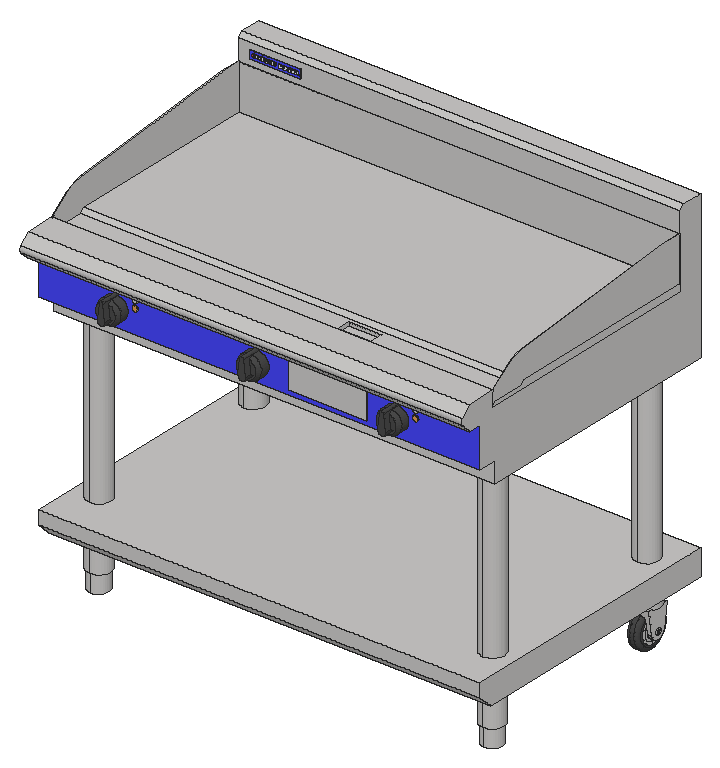
Revit family "QF_MOFFAT_BLUESEAL_AU_EP518-LS", category Specialty Equipment, Revit 2012
Parameters
  Weight in Pounds = 294  # constant formula
  Width [instance] = 1200 mm  # constant formula
  Watts = 16200 W
  Volts = 400 V
  URL Cutsheet = "www.moffat.com"
  URL = "www.moffat.com"
  Type Mark [instance] = ""
  Status [instance] = ""
  Specification by User [instance] = ""
  Specification by Manufacturer = ""
  Show Logo [instance] = yes
  Show Casters [instance] = yes
  Serial Number = ""
  Seismic Rating = ""
  SMACNA No = ""
  Revision Code [instance] = ""
  Phase = 3
  Omniclass Number and Title = ""
  Number of Poles = 1
  NAFEM Spec ID Number = ""
  Model = "EP518-LS"
  Min Ckt Ampacity = 0 A
  Max Overcurrent Protection = 0 A
  Masterspec = ""
  Manufacturer = "MOFFAT BLUESEAL"
  Legs [instance] = not(Show Casters)  # no
  Item Number [instance] = ""
  Installed By [instance] = ""
  Identify Quantity as Lot [instance] = yes
  Height = 970 mm  # constant formula
  HP = ""
  Furnished By [instance] = ""
  Foodservice Equipment Identifier [instance] = yes
  FL Amps = 25 A
  Electrical Remarks [instance] = "25A PER PHASE"
  Elec Conn RI Height = 0 mm
  Elec Conn Connection Height = 0 mm
  Description = "1200MM ELECTRIC GRIDDLE PLATE ON LEG STAND"
  Depth [instance] = 812 mm  # constant formula
  Cycle = 50 Hz
  Conn Plug = ""
  Conn Conduit = yes
  CSI MasterFormat = ""
  CSI Master Format = ""
  Back Splash [instance] = 215 mm  # constant formula
  Apparent Power = if(Phase = 3, Volts * FL Amps * 1.73, Volts * FL Amps)  # 17300 VA
Reference planes
  plane 1 "BACK": y = 0
  plane 2: z = 0
  plane 3 "LEFT": x = 0
  plane 4 "RIGHT": x = 1200
  plane 5 "FRONT": y = -812
  plane 6 "TOP": z = 970
  plane 7 "Center Y": x = 600
  plane 8 "Center X": y = -406
  plane 9 "Base Height": z = 150
  plane 10: z = 915
  plane 11: y = -625
  plane 12: y = -100
  plane 13: x = 1070
  plane 14: y = -32
  plane 15: z = 1085
  plane 16: z = 740
  plane 17: x = 65.5
  plane 18: x = 1134.5
Forms (mm)
  Extrusion 1, solid, material "QF_Finishes_Stainless Steel"
    sketch origin (0, 0, 0) x (0, 1, 0) y (0, 0, 1)
      loop
        line (0, 222.5) -> (-749, 222.5) -> (-749, 186) -> (-713, 150) -> (0, 150) -> (0, 222.5)
      loop
        line (0, 685) -> (0, 1085) -> (-57.5, 1085) -> (-70, 1072.5) -> (-70, 875) -> (-705, 875) -> (-705, 915) -> (-783.97, 915) -> (-808.485, 890.485)
        arc (-808.485, 890.485) -> (-811.999, 882) -> (-808.485, 873.515) r 12
        line (-808.485, 873.515) -> (-784.97, 850) -> (-749, 850) -> (-749, 740) -> (-699, 740) -> (-699, 685) -> (0, 685)
    from 0 to 1200
  Revolve 2, solid, material "QF_Finishes_Stainless Steel", visible <- "Legs"
    sketch origin (65, -210, 0) x (0, 1, 0) y (0, 0, -1)
      loop
        line (78.25, -150) -> (110, -150) -> (110, 0) -> (82.5, 0) -> (82.5, -50) -> (78.25, -50) -> (78.25, -150)
      axis (110, -150) -> (110, 0)
    angle from 0 to 360
  Revolve 3, solid, material "QF_Finishes_Stainless Steel"
    sketch origin (65, -735, 0) x (0, 1, 0) y (0, 0, -1)
      loop
        line (78.25, -150) -> (110, -150) -> (110, 0) -> (82.5, 0) -> (82.5, -50) -> (78.25, -50) -> (78.25, -150)
      axis (110, -150) -> (110, 0)
    angle from 0 to 360
  Revolve 4, solid, material "QF_Finishes_Black"
    sketch origin (217.5, 7, 597.8) x (0, 1, 0) y (0, 0, -1)
      loop
        line (-789, -229.5) -> (-766, -229.5) -> (-766, -202) -> (-756, -202) -> (-756, -197) -> (-800, -197) -> (-800, -223.651) -> (-789, -229.5)
      axis (-800, -197) -> (-756, -197)
    angle from 0 to 360
  Extrusion 5, solid, material "QF_Finishes_Black"
    sketch origin (205.851, 0, 597.958) x (-1, 0, 0) y (0, 0, -1)
      loop
        line (-22.15, -186.037) -> (-16.729, -228.955)
        arc (-16.729, -228.955) -> (-11.73, -233.842) -> (-6.732, -228.955) r 5
        line (-6.732, -228.955) -> (-1.243, -184.87)
        arc (-1.243, -184.87) -> (-12.315, -174.371) -> (-22.15, -186.037) r 10.487
    from 759 to 808
  Extrusion 6, solid, material "QF_Finishes_Stainless Steel"
    sketch origin (0, -749, 866) x (0, 0, -1) y (1, 0, 0)
      loop
        line (25.201, 683) -> (112.1, 683) -> (112.1, 893) -> (25.201, 893) -> (25.201, 683)
    from 0 to 2.5
  Extrusion 7, solid, material "QF_Finishes_Stainless Steel"
    sketch origin (0, -751.5, 866) x (0, 0, -1) y (1, 0, 0)
      loop
        line (32.201, 893) -> (25.201, 893) -> (25.201, 683) -> (32.201, 683) -> (32.201, 893)
    from 0 to 5
  Extrusion 8, void
    sketch origin (0, -756, 740) x (1, 0, 0) y (0, -1, 0)
      loop
        circle (1069.998, -724) r 10
    from 0 to 86.329
  Extrusion 9, solid, material "QF_Finishes_Stainless Steel"
    sketch origin (0, -749, 850) x (0, 0, -1) y (1, 0, 0)
      loop
        circle (45.2, 262.505) r 7.15
    from 0 to 1
  Extrusion 10, solid, material "QF_Finishes_Stainless Steel"
    sketch origin (0, 0, 222.5) x (0, -1, 0) y (1, 0, 0)
      loop
        circle (100, 65) r 31.75
      loop
        circle (625, 65) r 31.75
      loop
        circle (100, 1135) r 31.75
      loop
        circle (625, 1135) r 31.75
    from 0 to 462.5
  Revolve 11, solid, material "QF_Finishes_Stainless Steel", visible <- "Legs"
    sketch origin (65.5, -166, 0) x (0, 1, 0) y (0, 0, 1)
      loop
        line (34.25, 150) -> (34.25, 50) -> (38.5, 50) -> (38.5, 0) -> (66, 0) -> (66, 150) -> (34.25, 150)
      axis (66, 150) -> (66, 0)
    angle from 0 to 360
  Revolve 12, solid, material "QF_Finishes_Stainless Steel", visible <- "Show Casters"
    sketch origin (16.276, -100.755, -13.653) x (1, 0, 0) y (0, 0, 1)
      loop
        line (14.841, 63.604) -> (83.584, 63.604) -> (83.584, 67.109) -> (82.314, 68.379) -> (80.79, 68.379) -> (80.79, 71.826) -> (68.644, 71.826) -> (68.644, 81.79) -> (65.088, 83.843) -> (63.738, 92.179) -> (65.881, 92.179) -> (65.881, 98.529) -> (65.088, 98.529) -> (65.088, 104.879)
        arc (65.088, 104.879) -> (62.298, 111.614) -> (55.563, 114.404) r 9.525
        line (55.563, 114.404) -> (42.863, 114.404)
        arc (42.863, 114.404) -> (36.127, 111.614) -> (33.338, 104.879) r 9.525
        line (33.338, 104.879) -> (33.338, 98.529) -> (32.544, 98.529) -> (32.544, 92.179) -> (34.687, 92.179) -> (33.352, 83.932) -> (29.782, 81.871) -> (29.782, 71.826) -> (17.635, 71.826) -> (17.635, 68.379) -> (16.111, 68.379) -> (14.841, 67.109) -> (14.841, 63.604)
      axis (14.841, 63.604) -> (83.584, 63.604)
    angle from 0 to 360
  Extrusion 13, solid, material "QF_Finishes_Stainless Steel", visible <- "Show Casters"
    sketch origin (72.001, 132.353, -8.783) x (0, 1, 0) y (0, 0, 1)
      loop
        line (-200.603, 118.783) -> (-264.103, 118.783) -> (-251.746, 53.895)
        arc (-251.746, 53.895) -> (-232.353, 38.783) -> (-212.959, 53.895) r 20
        line (-212.959, 53.895) -> (-200.603, 118.783)
    from -35.667 to 22.923
  Revolve 14, solid, material "QF_Finishes_Stainless Steel", visible <- "Show Casters"
    sketch origin (65.5, -204, 0) x (0, 1, 0) y (0, 0, 1)
      loop
        line (68.25, 150) -> (68.25, 110) -> (104, 110) -> (104, 150) -> (68.25, 150)
      axis (104, 150) -> (104, 110)
    angle from 0 to 360
  Revolve 15, solid, material "QF_Finishes_Stainless Steel", visible <- "Legs"
    sketch origin (65.5, -166, 0) x (0, 1, 0) y (0, 0, 1)
      loop
        line (34.25, 150) -> (34.25, 50) -> (38.5, 50) -> (38.5, 0) -> (66, 0) -> (66, 150) -> (34.25, 150)
      axis (66, 150) -> (66, 0)
    angle from 0 to 360
  Extrusion 16, solid, material "QF_Finishes_Stainless Steel"
    sketch origin (0, -749, 850) x (0, 0, -1) y (1, 0, 0)
      loop
        circle (25.2, 262.505) r 7.15
    from 0 to 1
  Extrusion 17, solid, material "QF_Finishes_Stainless Steel"
    sketch origin (462.616, -749, 850) x (0, 0, -1) y (1, 0, 0)
      loop
        circle (45.2, 562.505) r 7.15
    from 0 to 1
  Extrusion 18, solid, material "QF_Finishes_Stainless Steel"
    sketch origin (462.616, -749, 850) x (0, 0, -1) y (1, 0, 0)
      loop
        circle (25.2, 562.505) r 7.15
    from 0 to 1
  Revolve 19, solid, material "QF_Finishes_Black"
    sketch origin (600, 7, 597.8) x (0, 1, 0) y (0, 0, -1)
      loop
        line (-789, -229.5) -> (-766, -229.5) -> (-766, -202) -> (-756, -202) -> (-756, -197) -> (-800, -197) -> (-800, -223.651) -> (-789, -229.5)
      axis (-800, -197) -> (-756, -197)
    angle from 0 to 360
  Extrusion 20, solid, material "QF_Finishes_Black"
    sketch origin (288.542, 0, 597.953) x (-1, 0, 0) y (0, 0, -1)
      loop
        line (-322.15, -186.037) -> (-316.729, -228.955)
        arc (-316.729, -228.955) -> (-311.73, -233.842) -> (-306.732, -228.955) r 5
        line (-306.732, -228.955) -> (-301.243, -184.87)
        arc (-301.243, -184.87) -> (-312.315, -174.371) -> (-322.15, -186.037) r 10.487
    from 759 to 808
  Revolve 21, solid, material "QF_Finishes_Stainless Steel", visible <- "Legs"
    sketch origin (1134, -210, 0) x (0, 1, 0) y (0, 0, -1)
      loop
        line (78.25, -150) -> (110, -150) -> (110, 0) -> (82.5, 0) -> (82.5, -50) -> (78.25, -50) -> (78.25, -150)
      axis (110, -150) -> (110, 0)
    angle from 0 to 360
  Revolve 22, solid, material "QF_Finishes_Stainless Steel"
    sketch origin (1134, -735, 0) x (0, 1, 0) y (0, 0, -1)
      loop
        line (78.25, -150) -> (110, -150) -> (110, 0) -> (82.5, 0) -> (82.5, -50) -> (78.25, -50) -> (78.25, -150)
      axis (110, -150) -> (110, 0)
    angle from 0 to 360
  Revolve 23, solid, material "QF_Finishes_Stainless Steel", visible <- "Legs"
    sketch origin (1134.5, -166, 0) x (0, 1, 0) y (0, 0, 1)
      loop
        line (34.25, 150) -> (34.25, 50) -> (38.5, 50) -> (38.5, 0) -> (66, 0) -> (66, 150) -> (34.25, 150)
      axis (66, 150) -> (66, 0)
    angle from 0 to 360
  Revolve 24, solid, material "QF_Finishes_Stainless Steel", visible <- "Show Casters"
    sketch origin (1085.276, -100.755, -13.653) x (1, 0, 0) y (0, 0, 1)
      loop
        line (14.841, 63.604) -> (83.584, 63.604) -> (83.584, 67.109) -> (82.314, 68.379) -> (80.79, 68.379) -> (80.79, 71.826) -> (68.644, 71.826) -> (68.644, 81.79) -> (65.088, 83.843) -> (63.738, 92.179) -> (65.881, 92.179) -> (65.881, 98.529) -> (65.088, 98.529) -> (65.088, 104.879)
        arc (65.088, 104.879) -> (62.298, 111.614) -> (55.563, 114.404) r 9.525
        line (55.563, 114.404) -> (42.863, 114.404)
        arc (42.863, 114.404) -> (36.127, 111.614) -> (33.338, 104.879) r 9.525
        line (33.338, 104.879) -> (33.338, 98.529) -> (32.544, 98.529) -> (32.544, 92.179) -> (34.687, 92.179) -> (33.352, 83.932) -> (29.782, 81.871) -> (29.782, 71.826) -> (17.635, 71.826) -> (17.635, 68.379) -> (16.111, 68.379) -> (14.841, 67.109) -> (14.841, 63.604)
      axis (14.841, 63.604) -> (83.584, 63.604)
    angle from 0 to 360
  Extrusion 25, solid, material "QF_Finishes_Stainless Steel", visible <- "Show Casters"
    sketch origin (1141.001, 132.353, -8.783) x (0, 1, 0) y (0, 0, 1)
      loop
        line (-200.603, 118.783) -> (-264.103, 118.783) -> (-251.746, 53.895)
        arc (-251.746, 53.895) -> (-232.353, 38.783) -> (-212.959, 53.895) r 20
        line (-212.959, 53.895) -> (-200.603, 118.783)
    from -35.667 to 22.923
  Revolve 26, solid, material "QF_Finishes_Stainless Steel", visible <- "Show Casters"
    sketch origin (1134.5, -204, 0) x (0, 1, 0) y (0, 0, 1)
      loop
        line (68.25, 150) -> (68.25, 110) -> (104, 110) -> (104, 150) -> (68.25, 150)
      axis (104, 150) -> (104, 110)
    angle from 0 to 360
  Revolve 27, solid, material "QF_Finishes_Stainless Steel", visible <- "Legs"
    sketch origin (1134.5, -166, 0) x (0, 1, 0) y (0, 0, 1)
      loop
        line (34.25, 150) -> (34.25, 50) -> (38.5, 50) -> (38.5, 0) -> (66, 0) -> (66, 150) -> (34.25, 150)
      axis (66, 150) -> (66, 0)
    angle from 0 to 360
  Revolve 28, solid, material "QF_Finishes_Black"
    sketch origin (980.116, 7, 597.8) x (0, 1, 0) y (0, 0, -1)
      loop
        line (-789, -229.5) -> (-766, -229.5) -> (-766, -202) -> (-756, -202) -> (-756, -197) -> (-800, -197) -> (-800, -223.651) -> (-789, -229.5)
      axis (-800, -197) -> (-756, -197)
    angle from 0 to 360
  Extrusion 29, solid, material "QF_Finishes_Black"
    sketch origin (668.658, 0, 597.953) x (-1, 0, 0) y (0, 0, -1)
      loop
        line (-322.15, -186.037) -> (-316.729, -228.955)
        arc (-316.729, -228.955) -> (-311.73, -233.842) -> (-306.732, -228.955) r 5
        line (-306.732, -228.955) -> (-301.243, -184.87)
        arc (-301.243, -184.87) -> (-312.315, -174.371) -> (-322.15, -186.037) r 10.487
    from 759 to 808
Cuts and joins
  joined: Extrusion 6, Extrusion 7
  Extrusion 8 cuts Extrusion 1
Lines and regions (mm)
  Split face 1
    outline origin (1200, 0, 1085) x (-1, 0, 0) y (0, -1, 0)
      loop
        arc (924, 45.385) -> (915.34, 40.385) -> (915.34, 30.385) r 10
        line (915.34, 30.385) -> (919.381, 23.385)
        arc (919.381, 23.385) -> (923.041, 19.725) -> (928.041, 18.385) r 10
        line (928.041, 18.385) -> (1156, 18.385)
        arc (1156, 18.385) -> (1164.66, 23.385) -> (1164.66, 33.385) r 10
        line (1164.66, 33.385) -> (1160.619, 40.385)
        arc (1160.619, 40.385) -> (1156.959, 44.045) -> (1151.959, 45.385) r 10
        line (1151.959, 45.385) -> (924, 45.385)
  Split face 2
    outline origin (1200, 0, 1085) x (-1, 0, 0) y (0, -1, 0)
      loop
        arc (34, 45.385) -> (25.34, 40.385) -> (25.34, 30.385) r 10
        line (25.34, 30.385) -> (29.381, 23.385)
        arc (29.381, 23.385) -> (33.041, 19.725) -> (38.041, 18.385) r 10
        line (38.041, 18.385) -> (266, 18.385)
        arc (266, 18.385) -> (274.66, 23.385) -> (274.66, 33.385) r 10
        line (274.66, 33.385) -> (270.619, 40.385)
        arc (270.619, 40.385) -> (266.959, 44.045) -> (261.959, 45.385) r 10
        line (261.959, 45.385) -> (34, 45.385)
  Split face 3
    outline origin (1200, 0, 1085) x (-1, 0, 0) y (0, -1, 0)
      loop
        line (336.021, 18.385) -> (563.979, 18.385)
        arc (563.979, 18.385) -> (572.64, 23.385) -> (572.64, 33.385) r 10
        line (572.64, 33.385) -> (568.598, 40.385)
        arc (568.598, 40.385) -> (564.938, 44.045) -> (559.938, 45.385) r 10
        line (559.938, 45.385) -> (331.979, 45.385)
        arc (331.979, 45.385) -> (323.319, 40.385) -> (323.319, 30.385) r 10
        line (323.319, 30.385) -> (327.36, 23.385)
        arc (327.36, 23.385) -> (331.021, 19.725) -> (336.021, 18.385) r 10
  Split face 4
    outline origin (495, -751.5, 753.9) x (1, 0, 0) y (0, 0, 1)
      loop
        arc (300, 69) -> (304, 73) -> (300, 77) r 4
        line (300, 77) -> (286, 77)
        arc (286, 77) -> (282, 73) -> (286, 69) r 4
        line (286, 69) -> (300, 69)
  Split face 5
    outline origin (1200, -749, 850) x (-1, 0, 0) y (0, 0, -1)
      loop
        circle (554.995, 45.2) r 7.15
  Split face 6
    outline origin (1200, -749, 850) x (-1, 0, 0) y (0, 0, -1)
      loop
        circle (554.995, 25.2) r 7.15
  Split face 7
    outline origin (1200, 0, 1085) x (-1, 0, 0) y (0, -1, 0)
      loop
        arc (863.979, 18.385) -> (872.64, 23.385) -> (872.64, 33.385) r 10
        line (872.64, 33.385) -> (868.598, 40.385)
        arc (868.598, 40.385) -> (864.938, 44.045) -> (859.938, 45.385) r 10
        line (859.938, 45.385) -> (631.979, 45.385)
        arc (631.979, 45.385) -> (623.319, 40.385) -> (623.319, 30.385) r 10
        line (623.319, 30.385) -> (627.36, 23.385)
        arc (627.36, 23.385) -> (631.021, 19.725) -> (636.021, 18.385) r 10
        line (636.021, 18.385) -> (863.979, 18.385)
  symbolic lines
    curve 1: line (0, 0, 0) -> (0, -812, 0)
    curve 2: line (1200, 0, 0) -> (0, 0, 0)
    curve 3: line (1200, -812, 0) -> (1200, 0, 0)
    curve 4: line (0, -70, 0) -> (1200, -70, 0)
    curve 5: line (0, -812, 0) -> (1200, -812, 0)
    curve 10: line (0, -57.5, 0) -> (1200, -57.5, 0)
    curve 11: line (0, -783.97, 0) -> (1200, -783.97, 0)
    curve 12: line (636.021, -18.385, 0) -> (863.979, -18.385, 0)
    curve 13: arc (863.979, -18.385, 0) -> (868.979, -19.725, 0) -> (872.64, -23.385, 0) r 10
    curve 14: line (872.64, -23.385, 0) -> (876.681, -30.385, 0)
    curve 15: arc (876.681, -30.385, 0) -> (876.681, -40.385, 0) -> (868.021, -45.385, 0) r 10
    curve 16: line (868.021, -45.385, 0) -> (640.062, -45.385, 0)
    curve 17: arc (640.062, -45.385, 0) -> (635.062, -44.045, 0) -> (631.402, -40.385, 0) r 10
    curve 18: line (631.402, -40.385, 0) -> (627.36, -33.385, 0)
    curve 19: arc (627.36, -33.385, 0) -> (627.36, -23.385, 0) -> (636.021, -18.385, 0) r 10
    curve 20: line (336.021, -18.385, 0) -> (563.979, -18.385, 0)
    curve 21: arc (563.979, -18.385, 0) -> (568.979, -19.725, 0) -> (572.64, -23.385, 0) r 10
    curve 22: line (572.64, -23.385, 0) -> (576.681, -30.385, 0)
    curve 23: arc (576.681, -30.385, 0) -> (576.681, -40.385, 0) -> (568.021, -45.385, 0) r 10
    curve 24: line (568.021, -45.385, 0) -> (340.062, -45.385, 0)
    curve 25: arc (340.062, -45.385, 0) -> (335.062, -44.045, 0) -> (331.402, -40.385, 0) r 10
    curve 26: line (331.402, -40.385, 0) -> (327.36, -33.385, 0)
    curve 27: arc (327.36, -33.385, 0) -> (327.36, -23.385, 0) -> (336.021, -18.385, 0) r 10
    curve 28: line (44, -18.385, 0) -> (271.959, -18.385, 0)
    curve 29: arc (271.959, -18.385, 0) -> (276.959, -19.725, 0) -> (280.619, -23.385, 0) r 10
    curve 30: line (280.619, -23.385, 0) -> (284.66, -30.385, 0)
    curve 31: arc (284.66, -30.385, 0) -> (284.66, -40.385, 0) -> (276, -45.385, 0) r 10
    curve 32: line (276, -45.385, 0) -> (48.041, -45.385, 0)
    curve 33: arc (48.041, -45.385, 0) -> (43.041, -44.045, 0) -> (39.381, -40.385, 0) r 10
    curve 34: line (39.381, -40.385, 0) -> (35.34, -33.385, 0)
    curve 35: arc (35.34, -33.385, 0) -> (35.34, -23.385, 0) -> (44, -18.385, 0) r 10
    curve 36: line (1161.959, -18.385, 0) -> (934, -18.385, 0)
    curve 37: arc (934, -18.385, 0) -> (925.34, -23.385, 0) -> (925.34, -33.385, 0) r 10
    curve 38: line (925.34, -33.385, 0) -> (929.381, -40.385, 0)
    curve 39: arc (929.381, -40.385, 0) -> (933.041, -44.045, 0) -> (938.041, -45.385, 0) r 10
    curve 40: line (938.041, -45.385, 0) -> (1166, -45.385, 0)
    curve 41: arc (1166, -45.385, 0) -> (1174.66, -40.385, 0) -> (1174.66, -30.385, 0) r 10
    curve 42: line (1174.66, -30.385, 0) -> (1170.619, -23.385, 0)
    curve 43: arc (1170.619, -23.385, 0) -> (1166.959, -19.725, 0) -> (1161.959, -18.385, 0) r 10
  symbolic lines, style "SpecialityEquipmentHiddenLines", visible <- "Show Casters"
    curve 6: line (78.456, -46.735, 0) -> (105.952, -62.61, 0)
    curve 7: line (27.656, -134.723, 0) -> (78.456, -46.735, 0)
    curve 8: line (55.152, -150.598, 0) -> (27.656, -134.723, 0)
    curve 9: line (105.952, -62.61, 0) -> (55.152, -150.598, 0)
    curve 44: line (1147.456, -46.735, 0) -> (1174.952, -62.61, 0)
    curve 45: line (1096.656, -134.723, 0) -> (1147.456, -46.735, 0)
    curve 46: line (1124.152, -150.598, 0) -> (1096.656, -134.723, 0)
    curve 47: line (1174.952, -62.61, 0) -> (1124.152, -150.598, 0)
Dimensions and locks
  equal spacing: plane 3 "LEFT", plane 7 "Center Y", plane 4 "RIGHT"
  "Width": plane 3 "LEFT" to plane 4 "RIGHT"
  equal spacing: plane 5 "FRONT", plane 8 "Center X", plane 1 "BACK"
  "Depth": plane 5 "FRONT" to plane 1 "BACK"
  locked: plane 10 to level at 915
  locked: plane 9 "Base Height" to level at 150
  plane 6 "TOP" to plane 10 = 55 mm
  plane 11 to plane 12 = 525 mm
  plane 13 to plane 4 "RIGHT" = 130 mm
  plane 14 to plane 1 "BACK" = 32 mm
  plane 15 to plane 2 = 1085 mm
  Revolve 12 sketch curve to Revolve 12 sketch curve = 50.8 mm
  Extrusion 8 sketch curve to plane 1 "BACK" = 32 mm
  plane 16 to plane 2 = 740 mm
  Revolve 24 sketch curve to Revolve 24 sketch curve = 50.8 mm
  aligned and locked: level to plane 2
Automatic sketch dimensions
  Extrusion 1 sketch curve to plane 10 = 0 mm
  Extrusion 1 sketch curve to plane 16 = 0 mm
  Extrusion 1 sketch curve to plane 9 "Base Height" = 0 mm
  Extrusion 1 sketch curve to plane 15 = 0 mm
  Extrusion 1 sketch curve to plane 1 "BACK" = 0 mm  (x2)
  Extrusion 1 sketch curve to plane 14 = 25.5 mm
  plane 12 to Extrusion 1 sketch curve = 30 mm
  Extrusion 1 sketch curve to plane 11 = 74 mm
  Extrusion 1 sketch curve to plane 10 = 40 mm
  Extrusion 1 sketch curve to plane 11 = 80 mm
  Extrusion 1 sketch curve to plane 11 = 88 mm
  Extrusion 1 sketch curve to Extrusion 1 sketch curve = 44 mm
  Extrusion 1 sketch curve to Extrusion 1 sketch curve = 36 mm
  Extrusion 1 sketch curve to plane 5 "FRONT" = 28.03 mm
  Extrusion 1 sketch curve to plane 5 "FRONT" = 27.03 mm
  Extrusion 1 sketch curve to plane 5 "FRONT" = 12.001 mm
  Extrusion 1 sketch curve to plane 5 "FRONT" = 3.515 mm  (x2)
  plane 9 "Base Height" to Extrusion 1 sketch curve = 36 mm
  Extrusion 1 sketch curve to Extrusion 1 sketch curve = 36.5 mm
  Extrusion 1 sketch curve to plane 10 = 65 mm
  Extrusion 1 sketch curve to Extrusion 1 sketch curve = 23.515 mm
  Extrusion 1 sketch curve to Extrusion 1 sketch curve = 8.485 mm
  Extrusion 1 sketch curve to plane 15 = 12.5 mm
  Revolve 2 sketch curve to plane 9 "Base Height" = 0 mm
  Revolve 2 sketch curve to level = 0 mm
  Revolve 2 sketch curve to plane 12 = 0 mm  (x2)
  Revolve 2 sketch curve to plane 12 = 27.5 mm
  Revolve 2 sketch curve to plane 12 = 31.75 mm
  level to Revolve 2 sketch curve = 50 mm
  Revolve 2 sketch curve to Revolve 2 sketch curve = 0 mm
  Revolve 2 sketch curve to Revolve 2 sketch curve = 55 mm
  Revolve 3 sketch curve to plane 9 "Base Height" = 0 mm
  Revolve 3 sketch curve to level = 0 mm
  Revolve 3 sketch curve to plane 11 = 0 mm  (x2)
  Revolve 3 sketch curve to plane 11 = 27.5 mm
  Revolve 3 sketch curve to plane 11 = 31.75 mm
  level to Revolve 3 sketch curve = 50 mm
  Revolve 3 sketch curve to Revolve 3 sketch curve = 0 mm
  Revolve 3 sketch curve to Revolve 3 sketch curve = 55 mm
  Revolve 4 sketch curve to plane 5 "FRONT" = 19 mm
  Revolve 4 sketch curve to Revolve 4 sketch curve = 0 mm  (x2)
  Revolve 4 sketch curve to Revolve 4 sketch curve = 11 mm
  Revolve 4 sketch curve to Revolve 4 sketch curve = 12.7 mm
  Revolve 4 sketch curve to Revolve 4 sketch curve = 23 mm
  Revolve 4 sketch curve to Revolve 4 sketch curve = 10 mm
  plane 16 to Revolve 4 sketch curve = 87.3 mm
  Revolve 4 sketch curve to Revolve 4 sketch curve = 5.849 mm
  Revolve 4 sketch curve to Revolve 4 sketch curve = 27.5 mm
  Revolve 4 sketch curve to Revolve 4 sketch curve = 5 mm
  plane 16 to Extrusion 5 sketch curve = 43.995 mm
  plane 17 to Extrusion 5 sketch curve = 162.5 mm
  Extrusion 5 sketch curve to Extrusion 5 sketch curve = 5.421 mm
  Extrusion 5 sketch curve to Extrusion 5 sketch curve = 10.419 mm
  Extrusion 5 sketch curve to Extrusion 5 sketch curve = 4.999 mm  (x2)
  plane 16 to Extrusion 5 sketch curve = 86.913 mm
  Extrusion 5 sketch curve to Extrusion 5 sketch curve = 10.487 mm
  Extrusion 5 sketch curve to Extrusion 5 sketch curve = 0.113 mm
  Extrusion 5 sketch curve to Extrusion 5 sketch curve = 1.167 mm
  Extrusion 6 sketch curve to plane 10 = 74.201 mm
  plane 16 to Extrusion 6 sketch curve = 13.9 mm
  plane 7 "Center Y" to Extrusion 6 sketch curve = 83 mm
  Extrusion 6 sketch curve to plane 13 = 177 mm
  Extrusion 7 sketch curve to Extrusion 6 = 0 mm  (x2)
  Extrusion 6 to Extrusion 7 sketch curve = 0 mm
  Extrusion 7 sketch curve to Extrusion 6 = 7 mm
  Extrusion 8 sketch curve to plane 13 = 0.002 mm
  Extrusion 1 to Extrusion 9 sketch curve = 45.2 mm
  Extrusion 1 to Extrusion 9 sketch curve = 262.505 mm
  Extrusion 10 sketch curve to Extrusion 10 sketch curve = 0 mm  (x8)
  Extrusion 10 sketch curve to plane 12 = 0 mm  (x2)
  Extrusion 10 sketch curve to plane 11 = 0 mm  (x2)
  Extrusion 10 sketch curve to plane 18 = 0.5 mm  (x2)
  Extrusion 10 sketch curve to Extrusion 10 sketch curve = 31.75 mm
  Extrusion 10 sketch curve to plane 17 = 0.5 mm  (x2)
  plane 12 to Extrusion 10 sketch curve = 31.75 mm
  plane 11 to Extrusion 10 sketch curve = 31.75 mm  (x2)
  Revolve 11 sketch curve to plane 9 "Base Height" = 0 mm
  Revolve 11 sketch curve to level = 0 mm
  Revolve 11 sketch curve to plane 12 = 0 mm  (x2)
  Revolve 11 sketch curve to plane 12 = 27.5 mm
  Revolve 11 sketch curve to plane 12 = 31.75 mm
  Revolve 11 sketch curve to Revolve 11 sketch curve = 55 mm
  level to Revolve 11 sketch curve = 50 mm
  Revolve 11 sketch curve to Revolve 11 sketch curve = 0 mm
  plane 3 "LEFT" to Revolve 12 sketch curve = 31.118 mm
  Revolve 12 sketch curve to Revolve 12 sketch curve = 1.27 mm  (x4)
  Revolve 12 sketch curve to Revolve 12 sketch curve = 1.524 mm  (x2)
  Revolve 12 sketch curve to Revolve 12 sketch curve = 12.146 mm  (x2)
  Revolve 12 sketch curve to plane 17 = 16.68 mm
  Revolve 12 sketch curve to Revolve 12 sketch curve = 0.794 mm  (x2)
  Revolve 12 sketch curve to Revolve 12 sketch curve = 3.57 mm
  Revolve 12 sketch curve to Revolve 12 sketch curve = 2.143 mm
  Revolve 12 sketch curve to plane 17 = 6.361 mm
  plane 17 to Revolve 12 sketch curve = 5.13 mm
  plane 17 to Revolve 12 sketch curve = 6.339 mm
  plane 17 to Revolve 12 sketch curve = 14.515 mm
  Revolve 12 sketch curve to Revolve 12 sketch curve = 1.349 mm  (x2)
  Revolve 12 sketch curve to Revolve 12 sketch curve = 3.556 mm
  Revolve 12 sketch curve to Revolve 12 sketch curve = 33.32 mm
  level to Revolve 12 sketch curve = 49.952 mm
  Revolve 12 sketch curve to Revolve 12 sketch curve = 0 mm
  Revolve 12 sketch curve to Revolve 12 sketch curve = 3.505 mm  (x2)
  Revolve 12 sketch curve to Revolve 12 sketch curve = 3.447 mm  (x2)
  Revolve 12 sketch curve to Revolve 12 sketch curve = 9.964 mm
  Revolve 12 sketch curve to Revolve 12 sketch curve = 10.045 mm
  Revolve 12 sketch curve to Revolve 12 sketch curve = 2.053 mm
  Revolve 12 sketch curve to Revolve 12 sketch curve = 2.061 mm
  Revolve 12 sketch curve to Revolve 12 sketch curve = 8.247 mm
  Revolve 12 sketch curve to Revolve 12 sketch curve = 8.336 mm
  Revolve 12 sketch curve to Revolve 12 sketch curve = 6.35 mm  (x2)
  Extrusion 13 sketch curve to plane 12 = 0 mm
  Extrusion 13 sketch curve to plane 12 = 19.393 mm
  Extrusion 13 sketch curve to plane 12 = 31.75 mm
  plane 12 to Extrusion 13 sketch curve = 19.393 mm
  plane 12 to Extrusion 13 sketch curve = 31.75 mm
  level to Extrusion 13 sketch curve = 45.111 mm
  Extrusion 13 sketch curve to Extrusion 13 sketch curve = 4.889 mm
  Extrusion 13 sketch curve to plane 9 "Base Height" = 40 mm
  Revolve 14 sketch curve to plane 9 "Base Height" = 0 mm
  Revolve 14 sketch curve to plane 12 = 0 mm  (x2)
  Revolve 14 sketch curve to plane 12 = 35.75 mm
  Revolve 14 sketch curve to plane 9 "Base Height" = 40 mm
  level to Revolve 14 sketch curve = 50 mm
  Revolve 14 sketch curve to level = 55 mm
  Revolve 15 sketch curve to plane 9 "Base Height" = 0 mm
  Revolve 15 sketch curve to level = 0 mm
  Revolve 15 sketch curve to plane 12 = 0 mm  (x2)
  Revolve 15 sketch curve to plane 12 = 27.5 mm
  Revolve 15 sketch curve to Revolve 15 sketch curve = 31.75 mm
  Revolve 15 sketch curve to Revolve 15 sketch curve = 55 mm
  level to Revolve 15 sketch curve = 50 mm
  Revolve 15 sketch curve to Revolve 15 sketch curve = 0 mm
  Extrusion 1 to Extrusion 16 sketch curve = 25.2 mm
  Extrusion 1 to Extrusion 16 sketch curve = 262.505 mm
  Split face 1 sketch curve to cut or joined group of Extrusion 1, Extrusion 8 = 27.115 mm
  Split face 1 sketch curve to cut or joined group of Extrusion 1, Extrusion 8 = 284.66 mm
  Split face 1 sketch curve to cut or joined group of Extrusion 1, Extrusion 8 = 23.385 mm
  Split face 1 sketch curve to Split face 1 sketch curve = 4.041 mm  (x4)
  Split face 1 sketch curve to Split face 1 sketch curve = 8.66 mm  (x2)
  Split face 1 sketch curve to cut or joined group of Extrusion 1, Extrusion 8 = 22.115 mm
  Split face 1 sketch curve to cut or joined group of Extrusion 1, Extrusion 8 = 48.041 mm
  Split face 1 sketch curve to cut or joined group of Extrusion 1, Extrusion 8 = 17.115 mm
  Split face 1 sketch curve to Split face 1 sketch curve = 17 mm
  Split face 1 sketch curve to Split face 1 sketch curve = 7 mm
  Split face 2 sketch curve to cut or joined group of Extrusion 1, Extrusion 8 = 25.34 mm
  Split face 2 sketch curve to Split face 2 sketch curve = 4.041 mm  (x4)
  Split face 2 sketch curve to Split face 2 sketch curve = 8.66 mm  (x2)
  Split face 2 sketch curve to cut or joined group of Extrusion 1, Extrusion 8 = 22.115 mm
  Split face 2 sketch curve to Split face 2 sketch curve = 223.917 mm
  Split face 2 sketch curve to cut or joined group of Extrusion 1, Extrusion 8 = 17.115 mm
  Split face 2 sketch curve to Split face 2 sketch curve = 10 mm
  Split face 2 sketch curve to Split face 2 sketch curve = 7 mm  (x3)
  Split face 3 sketch curve to cut or joined group of Extrusion 1, Extrusion 8 = 27.115 mm
  Split face 3 sketch curve to cut or joined group of Extrusion 1, Extrusion 8 = 323.319 mm
  Split face 3 sketch curve to cut or joined group of Extrusion 1, Extrusion 8 = 23.385 mm
  Split face 3 sketch curve to Split face 3 sketch curve = 4.041 mm  (x3)
  Split face 3 sketch curve to Split face 3 sketch curve = 8.66 mm  (x3)
  Split face 3 sketch curve to cut or joined group of Extrusion 1, Extrusion 8 = 12.115 mm
  Split face 3 sketch curve to Split face 3 sketch curve = 223.917 mm
  Split face 3 sketch curve to cut or joined group of Extrusion 1, Extrusion 8 = 18.385 mm
  Split face 3 sketch curve to Split face 3 sketch curve = 10 mm
  Split face 3 sketch curve to Split face 3 sketch curve = 7 mm
  Extrusion 1 to Extrusion 17 sketch curve = 45.2 mm
  Extrusion 1 to Extrusion 17 sketch curve = 174.879 mm
  Extrusion 1 to Extrusion 18 sketch curve = 25.2 mm
  Extrusion 1 to Extrusion 18 sketch curve = 174.879 mm
  cut or joined group of Extrusion 6, Extrusion 7 to Split face 4 sketch curve = 10.899 mm
  Split face 4 sketch curve to cut or joined group of Extrusion 6, Extrusion 7 = 98 mm
  Split face 4 sketch curve to Split face 4 sketch curve = 14 mm
  Split face 4 sketch curve to Split face 4 sketch curve = 4 mm
  Revolve 19 sketch curve to plane 5 "FRONT" = 19 mm
  Revolve 19 sketch curve to Revolve 19 sketch curve = 0 mm  (x2)
  Revolve 19 sketch curve to Revolve 19 sketch curve = 11 mm
  Revolve 19 sketch curve to Revolve 19 sketch curve = 12.7 mm
  Revolve 19 sketch curve to Revolve 19 sketch curve = 23 mm
  Revolve 19 sketch curve to Revolve 19 sketch curve = 10 mm
  plane 16 to Revolve 19 sketch curve = 87.3 mm
  Revolve 19 sketch curve to Revolve 19 sketch curve = 5.849 mm
  Revolve 19 sketch curve to Revolve 19 sketch curve = 27.5 mm
  Revolve 19 sketch curve to Revolve 19 sketch curve = 5 mm
  plane 7 "Center Y" to Extrusion 20 sketch curve = 10.691 mm
  plane 7 "Center Y" to Extrusion 20 sketch curve = 5.271 mm
  plane 7 "Center Y" to Extrusion 20 sketch curve = 0.272 mm  (x2)
  Extrusion 20 sketch curve to plane 7 "Center Y" = 4.726 mm
  Extrusion 20 sketch curve to plane 7 "Center Y" = 10.215 mm
  plane 16 to Extrusion 20 sketch curve = 86.908 mm
  Extrusion 20 sketch curve to Extrusion 20 sketch curve = 0.113 mm
  Extrusion 20 sketch curve to Extrusion 20 sketch curve = 42.919 mm
  Extrusion 20 sketch curve to Extrusion 20 sketch curve = 1.167 mm
  Revolve 21 sketch curve to plane 9 "Base Height" = 0 mm
  Revolve 21 sketch curve to level = 0 mm
  Revolve 21 sketch curve to plane 12 = 0 mm  (x2)
  Revolve 21 sketch curve to plane 12 = 27.5 mm
  Revolve 21 sketch curve to plane 12 = 31.75 mm
  level to Revolve 21 sketch curve = 50 mm
  Revolve 21 sketch curve to Revolve 21 sketch curve = 0 mm
  Revolve 21 sketch curve to Revolve 21 sketch curve = 55 mm
  Revolve 22 sketch curve to plane 9 "Base Height" = 0 mm
  Revolve 22 sketch curve to level = 0 mm
  Revolve 22 sketch curve to plane 11 = 0 mm  (x2)
  Revolve 22 sketch curve to plane 11 = 27.5 mm
  Revolve 22 sketch curve to plane 11 = 31.75 mm
  level to Revolve 22 sketch curve = 50 mm
  Revolve 22 sketch curve to Revolve 22 sketch curve = 0 mm
  Revolve 22 sketch curve to Revolve 22 sketch curve = 55 mm
  Revolve 23 sketch curve to plane 9 "Base Height" = 0 mm
  Revolve 23 sketch curve to level = 0 mm
  Revolve 23 sketch curve to plane 12 = 0 mm  (x2)
  Revolve 23 sketch curve to plane 12 = 27.5 mm
  Revolve 23 sketch curve to plane 12 = 31.75 mm
  Revolve 23 sketch curve to Revolve 23 sketch curve = 55 mm
  level to Revolve 23 sketch curve = 50 mm
  Revolve 23 sketch curve to Revolve 23 sketch curve = 0 mm
  plane 13 to Revolve 24 sketch curve = 30.118 mm
  Revolve 24 sketch curve to Revolve 24 sketch curve = 1.27 mm  (x4)
  Revolve 24 sketch curve to Revolve 24 sketch curve = 1.524 mm  (x2)
  Revolve 24 sketch curve to Revolve 24 sketch curve = 12.146 mm  (x2)
  plane 18 to Revolve 24 sketch curve = 16.68 mm
  Revolve 24 sketch curve to Revolve 24 sketch curve = 0.794 mm  (x2)
  Revolve 24 sketch curve to Revolve 24 sketch curve = 3.57 mm
  Revolve 24 sketch curve to Revolve 24 sketch curve = 2.143 mm
  plane 18 to Revolve 24 sketch curve = 6.361 mm
  Revolve 24 sketch curve to plane 18 = 5.13 mm
  Revolve 24 sketch curve to plane 18 = 6.339 mm
  Revolve 24 sketch curve to plane 18 = 14.515 mm
  Revolve 24 sketch curve to Revolve 24 sketch curve = 1.349 mm  (x2)
  Revolve 24 sketch curve to Revolve 24 sketch curve = 3.556 mm
  Revolve 24 sketch curve to plane 4 "RIGHT" = 2.18 mm
  level to Revolve 24 sketch curve = 49.952 mm
  Revolve 24 sketch curve to Revolve 24 sketch curve = 0 mm
  Revolve 24 sketch curve to Revolve 24 sketch curve = 3.505 mm  (x2)
  Revolve 24 sketch curve to Revolve 24 sketch curve = 3.447 mm  (x2)
  Revolve 24 sketch curve to Revolve 24 sketch curve = 9.964 mm
  Revolve 24 sketch curve to Revolve 24 sketch curve = 10.045 mm
  Revolve 24 sketch curve to Revolve 24 sketch curve = 2.053 mm
  Revolve 24 sketch curve to Revolve 24 sketch curve = 2.061 mm
  Revolve 24 sketch curve to Revolve 24 sketch curve = 8.247 mm
  Revolve 24 sketch curve to Revolve 24 sketch curve = 8.336 mm
  Revolve 24 sketch curve to Revolve 24 sketch curve = 6.35 mm  (x2)
  Extrusion 25 sketch curve to plane 12 = 0 mm
  Extrusion 25 sketch curve to plane 12 = 19.393 mm
  Extrusion 25 sketch curve to plane 12 = 31.75 mm
  plane 12 to Extrusion 25 sketch curve = 19.393 mm
  plane 12 to Extrusion 25 sketch curve = 31.75 mm
  level to Extrusion 25 sketch curve = 45.111 mm
  Extrusion 25 sketch curve to Extrusion 25 sketch curve = 4.889 mm
  Extrusion 25 sketch curve to plane 9 "Base Height" = 40 mm
  Revolve 26 sketch curve to plane 9 "Base Height" = 0 mm
  Revolve 26 sketch curve to plane 12 = 0 mm  (x2)
  Revolve 26 sketch curve to plane 12 = 35.75 mm
  Revolve 26 sketch curve to plane 9 "Base Height" = 40 mm
  level to Revolve 26 sketch curve = 50 mm
  Revolve 26 sketch curve to level = 55 mm
  Revolve 27 sketch curve to plane 9 "Base Height" = 0 mm
  Revolve 27 sketch curve to level = 0 mm
  Revolve 27 sketch curve to plane 12 = 0 mm  (x2)
  Revolve 27 sketch curve to plane 12 = 27.5 mm
  Revolve 27 sketch curve to Revolve 27 sketch curve = 31.75 mm
  Revolve 27 sketch curve to Revolve 27 sketch curve = 55 mm
  level to Revolve 27 sketch curve = 50 mm
  Revolve 27 sketch curve to Revolve 27 sketch curve = 0 mm
  Revolve 28 sketch curve to plane 5 "FRONT" = 19 mm
  Revolve 28 sketch curve to Revolve 28 sketch curve = 0 mm  (x2)
  Revolve 28 sketch curve to Revolve 28 sketch curve = 11 mm
  Revolve 28 sketch curve to Revolve 28 sketch curve = 12.7 mm
  Revolve 28 sketch curve to Revolve 28 sketch curve = 23 mm
  Revolve 28 sketch curve to Revolve 28 sketch curve = 10 mm
  plane 16 to Revolve 28 sketch curve = 87.3 mm
  Revolve 28 sketch curve to Revolve 28 sketch curve = 5.849 mm
  Revolve 28 sketch curve to Revolve 28 sketch curve = 27.5 mm
  Revolve 28 sketch curve to Revolve 28 sketch curve = 5 mm
  Extrusion 29 sketch curve to plane 13 = 79.193 mm
  Extrusion 29 sketch curve to Extrusion 29 sketch curve = 5.421 mm
  Extrusion 29 sketch curve to Extrusion 29 sketch curve = 10.419 mm
  Extrusion 29 sketch curve to Extrusion 29 sketch curve = 4.999 mm  (x2)
  plane 16 to Extrusion 29 sketch curve = 86.908 mm
  Extrusion 29 sketch curve to Extrusion 29 sketch curve = 10.487 mm
  Extrusion 29 sketch curve to Extrusion 29 sketch curve = 0.113 mm
  Extrusion 29 sketch curve to Extrusion 29 sketch curve = 42.919 mm
  Extrusion 29 sketch curve to Extrusion 29 sketch curve = 1.167 mm
  Split face 7 sketch curve to cut or joined group of Extrusion 1, Extrusion 8 = 27.115 mm
  Split face 7 sketch curve to cut or joined group of Extrusion 1, Extrusion 8 = 576.681 mm
  Split face 7 sketch curve to Split face 7 sketch curve = 4.041 mm  (x4)
  Split face 7 sketch curve to Split face 7 sketch curve = 8.66 mm  (x2)
  Split face 7 sketch curve to cut or joined group of Extrusion 1, Extrusion 8 = 12.115 mm
  Split face 7 sketch curve to Split face 7 sketch curve = 223.917 mm
  Split face 7 sketch curve to Split face 7 sketch curve = 7 mm  (x3)
  Split face 7 sketch curve to Split face 7 sketch curve = 17 mm
  Extrusion 1 sketch curve to Extrusion 1 sketch curve = 55 mm
  plane 1 "BACK" to curve 1 = 0 mm
  curve 1 to plane 3 "LEFT" = 0 mm
  curve 4 to plane 4 "RIGHT" = 0 mm
  plane 5 "FRONT" to curve 1 = 0 mm
  plane 3 "LEFT" to curve 7 = 27.656 mm
  curve 35 to plane 14 = 1.385 mm
  curve 35 to plane 17 = 30.16 mm
  curve 34 to curve 33 = 4.041 mm
  plane 14 to curve 28 = 13.615 mm
  curve 35 to curve 28 = 8.66 mm
  curve 33 to plane 14 = 3.385 mm
  curve 35 to curve 33 = 4.041 mm
  curve 9 to plane 17 = 10.348 mm
  plane 17 to curve 6 = 12.956 mm
  plane 14 to curve 29 = 3.615 mm
  curve 6 to curve 29 = 166.007 mm
  curve 31 to plane 14 = 3.385 mm
  curve 29 to curve 31 = 4.041 mm  (x2)
  plane 14 to curve 30 = 8.615 mm
  plane 14 to curve 31 = 1.615 mm
  curve 26 to plane 14 = 1.385 mm
  curve 30 to curve 26 = 42.7 mm
  curve 26 to plane 14 = 8.385 mm
  curve 26 to curve 26 = 4.041 mm
  plane 14 to curve 27 = 13.615 mm
  curve 27 to curve 27 = 8.66 mm
  curve 25 to plane 14 = 3.385 mm
  curve 27 to curve 25 = 4.041 mm
  curve 21 to plane 7 "Center Y" = 36.021 mm
  curve 21 to curve 24 = 4.041 mm
  plane 14 to curve 21 = 8.615 mm
  curve 21 to curve 21 = 8.66 mm
  plane 14 to curve 23 = 1.615 mm
  curve 22 to curve 23 = 4.041 mm
  curve 19 to plane 14 = 1.385 mm
  plane 7 "Center Y" to curve 19 = 27.36 mm
  curve 18 to plane 14 = 8.385 mm
  curve 18 to curve 18 = 4.041 mm
  plane 14 to curve 19 = 3.615 mm
  curve 18 to curve 19 = 8.66 mm
  curve 17 to curve 16 = 8.66 mm
  curve 12 to plane 13 = 206.021 mm
  curve 13 to curve 16 = 4.041 mm
  plane 14 to curve 14 = 8.615 mm
  curve 13 to curve 14 = 8.66 mm
  plane 14 to curve 15 = 1.615 mm
  curve 13 to curve 15 = 4.041 mm
  curve 37 to plane 14 = 1.385 mm
  curve 15 to curve 37 = 48.659 mm
  curve 38 to curve 39 = 4.041 mm
  curve 37 to curve 37 = 8.66 mm
  curve 39 to plane 14 = 3.385 mm
  curve 37 to curve 39 = 4.041 mm
  plane 13 to curve 46 = 26.656 mm
  plane 18 to curve 46 = 10.348 mm
  curve 45 to plane 18 = 12.956 mm
  plane 14 to curve 36 = 13.615 mm
  curve 36 to plane 18 = 27.459 mm
  curve 43 to curve 41 = 4.041 mm
  plane 14 to curve 42 = 8.615 mm
  curve 43 to curve 42 = 8.66 mm
  plane 14 to curve 42 = 1.615 mm
  curve 42 to curve 42 = 4.041 mm
  curve 11 to plane 5 "FRONT" = 28.03 mm
  curve 46 to plane 12 = 50.598 mm
  curve 9 to plane 12 = 50.598 mm
  curve 46 to curve 46 = 15.875 mm
  curve 8 to curve 8 = 15.875 mm
  curve 4 to curve 44 = 7.39 mm
  curve 4 to curve 10 = 12.5 mm
  curve 41 to plane 14 = 13.385 mm
  curve 15 to plane 14 = 13.385 mm
  radius of Extrusion 8 sketch curve = 10 mm
  radius of Extrusion 9 sketch curve = 7.15 mm
  radius of Extrusion 16 sketch curve = 7.15 mm
  radius of Extrusion 17 sketch curve = 7.15 mm
  radius of Extrusion 18 sketch curve = 7.15 mm
Nested families
  nested 1: "WALDORF LOGO_FACE BASE" at (32, -70, 1056.885) x (1, 0, 0) z (0, -1, 0), visible <- "Show Logo", type "WALDORF LOGO_FACE BASE", detail levels medium+fine
    with Show Logo yes
  nested 2: "ELECTRIC GRIDDLE PLATE" at (0, -70, 874.5), type "ELECTRIC GRIDDLE PLATE"
    with Type Mark "", Status "", Specification by User "", Revision Code "", Item Number "", Installed By "", Identify Quantity as Lot yes, Furnished By "", Foodservice Equipment Identifier yes
Connectors
  electrical at (1069.998, -32, 740), driven by "Volts", driven by "Watts"
    settings: on cut or joined group of Extrusion 1, Extrusion 8, index 1, voltage 400 V, apparent load 16200 VA, apparent load phase1 0 VA, apparent load phase2 0 VA, apparent load phase3 0 VA, power factor 1, load classification "Other", number of poles 1, system type 30, power factor state 1, is connector primary yes, connector utility no, sub classification motor no, connector description "ELECTRICAL CONNECTION"
Definition of nested family "WALDORF LOGO_FACE BASE"
  Parameters (values of type "WALDORF LOGO_FACE BASE")
    Show Logo [instance] = yes
    Default Elevation = 1219.2 mm
  Reference planes
    plane 1 "Center (Front/Back)": y = 0
    plane 2: z = 0
    plane 3 "Center (Left/Right)": x = 0
  Forms (mm)
    Extrusion 1, solid
      sketch origin (0, 0, 0) x (1, 0, 0) y (0, 1, 0)
        loop
          line (-1219.2, 1219.2) -> (-1219.2, -1219.2) -> (1219.2, -1219.2) -> (1219.2, 1219.2) -> (-1219.2, 1219.2)
      from 0 to -304.8
    Extrusion 2, solid, material "QF_Finishes_Blue", visible <- "Show Logo"
      sketch origin (0, -33.217, 0) x (1, 0, 0) y (0, 1, 0)
        loop
          arc (138, 31.942) -> (137.626, 32.844) -> (136.724, 33.217) r 1.276
          line (136.724, 33.217) -> (1.29, 33.217)
          arc (1.29, 33.217) -> (0.378, 32.839) -> (0, 31.927) r 1.29
          line (0, 31.927) -> (0, 11.507)
          arc (0, 11.507) -> (0.378, 10.595) -> (1.29, 10.217) r 1.29
          line (1.29, 10.217) -> (136.71, 10.217)
          arc (136.71, 10.217) -> (137.622, 10.595) -> (138, 11.507) r 1.29
          line (138, 11.507) -> (138, 31.942)
      from 0 to 1.588
    Extrusion 3, solid, material "QF_Finishes_White", visible <- "Show Logo"
      sketch origin (0, -33.217, 1.588) x (1, 0, 0) y (0, 1, 0)
        loop
          arc (108.946, 25.919) -> (107.613, 25.367) -> (107.061, 24.034) r 1.885
          line (107.061, 24.034) -> (107.061, 17.211) -> (112.704, 17.211) -> (112.704, 19.129) -> (115.546, 19.129) -> (115.546, 17.211) -> (121.584, 17.211) -> (121.584, 24.075)
          arc (121.584, 24.075) -> (121.043, 25.379) -> (119.739, 25.919) r 1.845
          line (119.739, 25.919) -> (108.946, 25.919)
        loop
          line (123.478, 25.919) -> (123.478, 17.163) -> (134.904, 17.163) -> (134.904, 19.129) -> (129.246, 19.129) -> (129.246, 25.919) -> (123.478, 25.919)
        loop
          line (112.704, 21.258) -> (115.546, 21.258) -> (115.546, 22.702)
          arc (115.546, 22.702) -> (115.344, 23.188) -> (114.858, 23.389) r 0.687
          line (114.858, 23.389) -> (113.363, 23.389)
          arc (113.363, 23.389) -> (112.897, 23.196) -> (112.704, 22.73) r 0.658
          line (112.704, 22.73) -> (112.704, 21.258)
        loop
          line (105.071, 25.919) -> (93.771, 25.919) -> (93.771, 17.163) -> (105.071, 17.163) -> (105.071, 19.063) -> (99.535, 19.063) -> (99.535, 20.437) -> (105.071, 20.437) -> (105.071, 22.278) -> (99.535, 22.278) -> (99.535, 23.587) -> (105.071, 23.587) -> (105.071, 25.919)
        loop
          line (91.104, 25.919) -> (79.541, 25.919)
          arc (79.541, 25.919) -> (78.558, 25.513) -> (78.152, 24.53) r 1.389
          line (78.152, 24.53) -> (78.152, 22.08)
          arc (78.152, 22.08) -> (78.558, 21.098) -> (79.541, 20.691) r 1.389
          line (79.541, 20.691) -> (86.346, 20.691) -> (86.346, 18.864) -> (83.266, 18.864) -> (83.266, 19.664) -> (78.152, 19.664) -> (78.152, 18.553)
          arc (78.152, 18.553) -> (78.558, 17.57) -> (79.541, 17.163) r 1.389
          line (79.541, 17.163) -> (91.063, 17.163)
          arc (91.063, 17.163) -> (92.045, 17.57) -> (92.452, 18.553) r 1.389
          line (92.452, 18.553) -> (92.452, 20.691)
          arc (92.452, 20.691) -> (92.045, 21.673) -> (91.063, 22.08) r 1.389
          line (91.063, 22.08) -> (83.266, 22.08) -> (83.266, 23.984) -> (86.346, 23.984) -> (86.346, 22.743) -> (92.452, 22.743) -> (92.452, 24.571)
          arc (92.452, 24.571) -> (92.057, 25.524) -> (91.104, 25.919) r 1.348
        loop
          line (70.705, 25.919) -> (59.405, 25.919) -> (59.405, 17.163) -> (70.705, 17.163) -> (70.705, 19.063) -> (65.169, 19.063) -> (65.169, 20.437) -> (70.705, 20.437) -> (70.705, 22.278) -> (65.169, 22.278) -> (65.169, 23.587) -> (70.705, 23.587) -> (70.705, 25.919)
        loop
          line (57.598, 25.919) -> (51.7, 25.919) -> (51.7, 20.18)
          arc (51.7, 20.18) -> (50.63, 19.11) -> (49.56, 20.18) r 1.07
          line (49.56, 20.18) -> (49.56, 25.919) -> (43.663, 25.919) -> (43.663, 19.049)
          arc (43.663, 19.049) -> (44.215, 17.716) -> (45.548, 17.163) r 1.885
          line (45.548, 17.163) -> (55.71, 17.163)
          arc (55.71, 17.163) -> (57.045, 17.716) -> (57.598, 19.051) r 1.887
          line (57.598, 19.051) -> (57.598, 25.919)
        loop
          line (31.62, 25.919) -> (31.62, 17.163) -> (43.046, 17.163) -> (43.046, 19.129) -> (37.388, 19.129) -> (37.388, 25.919) -> (31.62, 25.919)
        loop
          line (15.969, 25.919) -> (15.969, 17.163) -> (28.693, 17.163)
          arc (28.693, 17.163) -> (29.812, 17.627) -> (30.276, 18.746) r 1.582
          line (30.276, 18.746) -> (30.276, 20.447) -> (29.48, 21.243) -> (30.276, 22.039) -> (30.276, 24.332)
          arc (30.276, 24.332) -> (29.811, 25.454) -> (28.688, 25.919) r 1.587
          line (28.688, 25.919) -> (15.969, 25.919)
        loop
          line (21.449, 24.159) -> (21.449, 22.436) -> (23.862, 22.436)
          arc (23.862, 22.436) -> (24.723, 23.298) -> (23.862, 24.159) r 0.861
          line (23.862, 24.159) -> (21.449, 24.159)
        loop
          line (21.449, 20.244) -> (21.449, 18.522) -> (23.862, 18.522)
          arc (23.862, 18.522) -> (24.723, 19.383) -> (23.862, 20.244) r 0.861
          line (23.862, 20.244) -> (21.449, 20.244)
      from 0 to 0.2
    Extrusion 4, solid, material "QF_Finishes_Blue", visible <- "Show Logo"
      sketch origin (-126.498, -31.09, 1.588) x (1, 0, 0) y (0, 1, 0)
        loop
          line (136.738, 23.522) -> (136.738, 15.1)
          arc (136.738, 15.1) -> (140.756, 19.311) -> (136.738, 23.522) r 4.216
      from 0 to 0.2
    Extrusion 5, solid, material "QF_Finishes_Red", visible <- "Show Logo"
      sketch origin (146.849, -31.09, 1.588) x (-1, 0, 0) y (0, -1, 0)
        loop
          arc (136.738, -23.522) -> (140.756, -19.311) -> (136.738, -15.1) r 4.216
          line (136.738, -15.1) -> (136.738, -23.522)
      from 0 to 0.2
  Lines and regions (mm)
    Split face 1
      outline origin (-90.35, -30.793, 1.588) x (1, 0, 0) y (0, 1, 0)
        loop
          circle (100.54, 19.013) r 4.536
  Dimensions and locks
    aligned and locked: plane 2 to Extrusion 1
    aligned and locked: level to Extrusion 1
Definition of nested family "ELECTRIC GRIDDLE PLATE"
  Parameters (values of type "ELECTRIC GRIDDLE PLATE")
    Weight in Pounds = 0
    URL Cutsheet = ""
    Type Mark [instance] = ""
    Status [instance] = ""
    Specification by User [instance] = ""
    Specification by Manufacturer = ""
    Serial Number = ""
    Seismic Rating = ""
    SMACNA No = ""
    Revision Code [instance] = ""
    Omniclass Number and Title = ""
    NAFEM Spec ID Number = ""
    Masterspec = ""
    Item Number [instance] = ""
    Installed By [instance] = ""
    Identify Quantity as Lot [instance] = yes
    Furnished By [instance] = ""
    Foodservice Equipment Identifier [instance] = yes
    CSI MasterFormat = ""
    CSI Master Format = ""
  Reference planes
    plane 1 "BACK": y = 0
    plane 2: z = 0
    plane 3 "LEFT": x = 0
    plane 4 "RIGHT": x = 1200
    plane 5 "FRONT": y = -635
    plane 6 "TOP": z = 142.5
    plane 7 "Center Y": x = 600
    plane 8 "Center X": y = -317.5
  Forms (mm)
    Extrusion 1, solid, material "QF_Finishes_Stainless Steel"
      sketch origin (0, 70.003, -874.5) x (0, 1, 0) y (0, 0, 1)
        loop
          line (-70, 875) -> (-70, 1017) -> (-127.048, 1017) -> (-605.133, 971.023)
          arc (-605.133, 971.023) -> (-630.16, 965.303) -> (-652.906, 953.399) r 100
          line (-652.906, 953.399) -> (-705.003, 916.5) -> (-705.003, 875) -> (-70, 875)
      from 0 to 1.8
    Extrusion 2, solid, material "QF_Finishes_Stainless Steel"
      sketch origin (1200, 0, 0) x (0, -1, 0) y (0, 0, 1)
        loop
          line (57.045, 142.5) -> (-0.003, 142.5) -> (-0.003, 0.5) -> (635, 0.5) -> (635, 42) -> (582.903, 78.899)
          arc (582.903, 78.899) -> (560.157, 90.803) -> (535.13, 96.523) r 100
          line (535.13, 96.523) -> (57.045, 142.5)
      from 0 to 1.8
    Extrusion 3, solid, material "QF_Finishes_Stainless Steel"
      sketch origin (150, 70.003, -874.5) x (0, 1, 0) y (0, 0, 1)
        loop
          line (-70, 895) -> (-601, 895) -> (-611.5, 884.5) -> (-704.403, 884.5) -> (-704.403, 875) -> (-70, 875) -> (-70, 895)
      from -148.2 to 1050
    Extrusion 4, void
      sketch origin (150, -541.497, 10) x (0, -1, 0) y (1, 0, 0)
        loop
          line (10.6, 681.25) -> (10.6, 592.75) -> (49.1, 592.75) -> (49.1, 681.25) -> (10.6, 681.25)
      from -41.4 to 40.142
    Extrusion 5, solid, material "QF_Finishes_Stainless Steel"
      sketch origin (150, 0.003, 211.574) x (0, 0, -1) y (1, 0, 0)
        loop
          line (69.074, -148.2) -> (191.074, -148.2) -> (191.074, 1050) -> (69.074, 1050) -> (69.074, -148.2)
      from 0 to 1.683
  Cuts and joins
    Extrusion 4 cuts Extrusion 3
  Lines and regions (mm)
    symbolic lines
      curve 1: line (1200, -530.997, 0) -> (0, -530.997, 0)
      curve 2: line (0, -541.497, 0) -> (1200, -541.497, 0)
      curve 3: line (742.75, -552.097, 0) -> (742.75, -590.597, 0)
      curve 4: line (742.75, -590.597, 0) -> (831.25, -590.597, 0)
      curve 5: line (831.25, -590.597, 0) -> (831.25, -552.097, 0)
      curve 6: line (831.25, -552.097, 0) -> (742.75, -552.097, 0)
      curve 7: line (0, 0, 0) -> (1200, 0, 0)
      curve 8: line (0, -635, 0) -> (0, 0, 0)
      curve 9: line (0, -635, 0) -> (1200, -635, 0)
      curve 10: line (1200, -635, 0) -> (1200, 0, 0)
  Dimensions and locks
    equal spacing: plane 3 "LEFT", plane 7 "Center Y", plane 4 "RIGHT"
    plane 3 "LEFT" to plane 4 "RIGHT" = 1200 mm
    equal spacing: plane 5 "FRONT", plane 8 "Center X", plane 1 "BACK"
    plane 5 "FRONT" to plane 1 "BACK" = 635 mm
    aligned and locked: level to plane 2
    aligned and locked: cut or joined group of Extrusion 3, Extrusion 4 to plane 4 "RIGHT"
    aligned and locked: Extrusion 5 to plane 4 "RIGHT"
  Automatic sketch dimensions
    plane 3 "LEFT" to curve 9 = 0 mm
    plane 7 "Center Y" to curve 4 = 142.75 mm
    plane 7 "Center Y" to curve 5 = 231.25 mm
    curve 3 to plane 5 "FRONT" = 44.403 mm
    curve 3 to curve 3 = 38.5 mm
    curve 2 to plane 5 "FRONT" = 93.503 mm
    curve 2 to curve 1 = 10.5 mm
    plane 1 "BACK" to curve 8 = 0 mm
    Extrusion 1 sketch curve to plane 5 "FRONT" = 0 mm
    Extrusion 1 sketch curve to plane 6 "TOP" = 0 mm
    Extrusion 1 sketch curve to plane 5 "FRONT" = 52.097 mm
    Extrusion 1 sketch curve to plane 6 "TOP" = 45.977 mm
    Extrusion 1 sketch curve to Extrusion 1 sketch curve = 47.773 mm
    Extrusion 1 sketch curve to level = 3.016 mm
    Extrusion 1 sketch curve to Extrusion 1 sketch curve = 9.585 mm
    plane 1 "BACK" to Extrusion 1 sketch curve = 57.045 mm
    Extrusion 1 sketch curve to plane 1 "BACK" = 0.003 mm
    level to Extrusion 1 sketch curve = 0.5 mm
    Extrusion 1 sketch curve to Extrusion 1 sketch curve = 41.5 mm
    Extrusion 3 sketch curve to plane 5 "FRONT" = 0.6 mm
    level to Extrusion 3 sketch curve = 10 mm
    Extrusion 3 sketch curve to Extrusion 3 sketch curve = 92.903 mm
    Extrusion 3 sketch curve to Extrusion 3 sketch curve = 10.5 mm  (x2)
    Extrusion 3 sketch curve to plane 1 "BACK" = 0.003 mm
    level to Extrusion 3 sketch curve = 0.5 mm
    Extrusion 3 to Extrusion 4 sketch curve = 10.6 mm
    Extrusion 4 sketch curve to Extrusion 4 sketch curve = 38.5 mm
    Extrusion 3 to Extrusion 4 sketch curve = 457.25 mm
    Extrusion 4 sketch curve to Extrusion 4 sketch curve = 88.5 mm
    Extrusion 5 sketch curve to plane 6 "TOP" = 0 mm
    level to Extrusion 5 sketch curve = 20.5 mm
    plane 3 "LEFT" to Extrusion 5 sketch curve = 1.8 mm
    plane 7 "Center Y" to Extrusion 5 sketch curve = 600 mm
    plane 5 "FRONT" to curve 9 = 0 mm
    Extrusion 2 sketch curve to plane 6 "TOP" = 0 mm
    Extrusion 2 sketch curve to plane 5 "FRONT" = 0 mm
    Extrusion 2 sketch curve to plane 5 "FRONT" = 52.097 mm
    Extrusion 2 sketch curve to Extrusion 2 sketch curve = 47.773 mm
    Extrusion 2 sketch curve to level = 3.016 mm
    Extrusion 2 sketch curve to Extrusion 2 sketch curve = 57.358 mm
    plane 1 "BACK" to Extrusion 2 sketch curve = 57.045 mm
    Extrusion 2 sketch curve to plane 1 "BACK" = 0.003 mm
    level to Extrusion 2 sketch curve = 0.5 mm
    Extrusion 2 sketch curve to Extrusion 2 sketch curve = 41.5 mm
    Extrusion 2 sketch curve to plane 6 "TOP" = 63.601 mm
    curve 10 to plane 4 "RIGHT" = 0 mm
